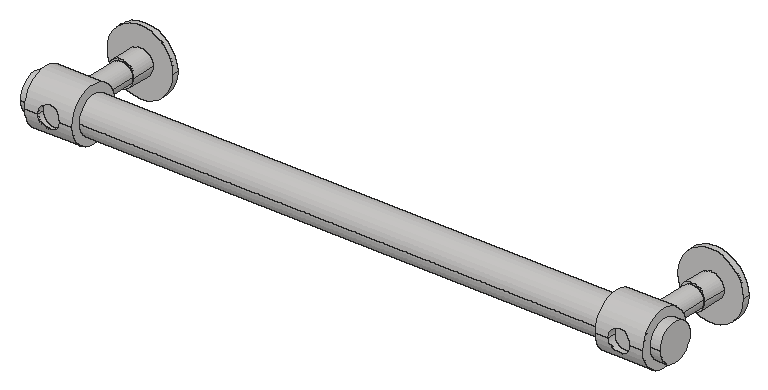
Revit family "T23", category Generic Models, Revit 2021
Family settings
  Can host rebar = No
  Round Connector Dimension = Use Diameter
  Part Type = Normal
  Work Plane-Based = No
  Always vertical = Yes
  Cut with Voids When Loaded = No
  Shared = No
  Room Calculation Point = No
Parameters (values of type "Standard")
  e-mail = "info@vola.com"
  URL = "http://vola.com"
  Telephone = "+45 7023 5500"
  Quality management standard = "ISO 9001"
  Organisation no. / DUNS no. = "17531328"
  Occupational health and safety management standard = "ISO 18001"
  Mounting Instructions = "http://vola.com/service/producturl.ashx?name=T23"
  Model = "T23"
  Materials and components information = "http://vola.com/service/producturl.ashx?name=T23"
  Manufacturer = "VOLA A/S"
  Maintenance Instructions = "http://vola.com/service/producturl.ashx?name=T23"
  Guarantee = "2 years"
  Environmental management standard = "ISO 14000"
  Default Elevation = 0.00 mm
  Connection - All relevant connections = ""
  Approvals = "http://vola.com/service/producturl.ashx?name=T23"
Reference planes
  plane 1 "Center (Front/Back)": y = 0
  plane 2: z = 0
  plane 3 "Center (Left/Right)": x = 0
Forms (mm)
  Extrusion 1, solid, material "Stainless Steel"
    sketch origin (0, 0, 0) x (1, 0, 0) y (0, 0, 1)
      loop
        circle (156, 0) r 18
    from 0 to 3
  Extrusion 2, solid, material "Stainless Steel"
    sketch origin (0, -3, 0) x (1, 0, 0) y (0, 0, 1)
      loop
        circle (156, 0) r 7
    from 0 to 12.8
  Extrusion 3, solid, material "Stainless Steel"
    sketch origin (0, -15.8, 0) x (1, 0, 0) y (0, 0, 1)
      loop
        circle (156, 0) r 6
    from 0 to 24.168
  Extrusion 4, solid, material "Stainless Steel"
    sketch origin (0, 0, 0) x (-1, 0, 0) y (0, 0, -1)
      loop
        circle (156, 0) r 18
    from 0 to 3
  Extrusion 5, solid, material "Stainless Steel"
    sketch origin (0, -3, 0) x (-1, 0, 0) y (0, 0, -1)
      loop
        circle (156, 0) r 7
    from 0 to 13
  Extrusion 6, solid, material "Stainless Steel"
    sketch origin (0, -16, 0) x (-1, 0, 0) y (0, 0, -1)
      loop
        circle (156, 0) r 6
    from 0 to 23.217
  Extrusion 7, void
    sketch origin (0, 0, 0) x (-1, 0, 0) y (0, 0, 1)
      loop
        circle (156, 0) r 6
    from -68.195 to -62.189
  Extrusion 8, void
    sketch origin (0, 0, 0) x (1, 0, 0) y (0, 0, -1)
      loop
        circle (156, 0) r 6
    from -69.459 to -61.575
  Extrusion 9, solid, material "Stainless Steel"
    sketch origin (-156, -5.8, 1219.2) x (0, 1, 0) y (0, 0, 1)
      loop
        circle (-45.5, -1219.2) r 14.5
    from -13 to 13
  Extrusion 10, solid, material "Stainless Steel"
    sketch origin (156, -5.8, 1219.2) x (0, 1, 0) y (0, 0, -1)
      loop
        circle (-45.5, 1219.2) r 14.5
    from -13 to 13
  Extrusion 11, solid, material "Stainless Steel"
    sketch origin (0, -2.8, 0) x (0, 1, 0) y (0, 0, 1)
      loop
        circle (-48.5, 0) r 10
    from -175 to 175
Cuts and joins
  Extrusion 8 cuts Extrusion 6
  Extrusion 7 cuts Extrusion 9
  Extrusion 8 cuts Extrusion 10
  joined: Extrusion 3, Extrusion 6, Extrusion 9, Extrusion 10, Extrusion 11
  Extrusion 7 cuts Extrusion 4
Dimensions and locks
  aligned and locked: plane 2 to level
